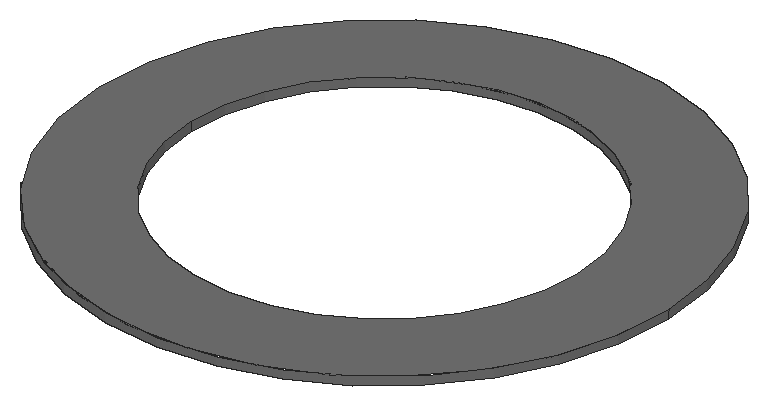
Revit family "6v", category Pipe Accessories, host Face, Revit 2018
Family settings
  Host = Face
  Round Connector Dimension = Use Diameter
  Part Type = Normal
  OmniClass Number = 23.27.43.00
  OmniClass Title = Pipe Fittings
  Cut with Voids When Loaded = No
  Shared = No
Parameters (values of type "90017 00 57 HT 00")
  URL = "https://www.aignep.com/"
  Tick Size = 32 mm
  S = 2 mm
  QR code = "https://www.bimobject.com/aignep/product/flat-gasket-for-flange-90017"
  Product url = "https://www.aignep.com/eng/Pipe-fittings-INFINITY/Air-Pipeline-INFINITY-Series/FLAT-GASKET-FOR-FLANGE"
  Product name = "Flat Gasket For Flange - 90017"
  Product group = "Seals"
  Product family = "INFINITY"
  Product data url = "https://www.bimobject.com/aignep/product/flat-gasket-for-flange-90017"
  Product certification = "https://www.aignep.com/eng/Certificazioni/FREE-OF-SILICON"
  Product SKU = "Flat-Gasket-For-Flange-90017"
  Product Material = AIGNEP - Rubber - Black
  Product Guid = "4de537a5-125b-4fcd-8996-acf08573e598"
  OmniClass Description = "Pipe Fittings"
  OmniClass Code = "23-27 43 00"
  Model = "90017"
  Material main = "Polymer"
  Manufacturer name = "Aignep Spa"
  Manufacturer country = "Italy"
  Manufacturer = "Aignep Spa"
  Keynote = "15410"
  IFC Classification = "Pipe Fitting"
  Edition number = 1
  Design country = "Italy"
  Description = "Flat Gasket For Flange"
  Default Elevation = 1219.2 mm
  D2 = 131 mm
  D1 = 89 mm
  BIMobject category = "Joints"
  Assembly Code = "D2040100"
  Article Code [instance] = "90017 00 57 TP 00"
Types (4, lengths in mm): name | Tick Size | D2 | D1 | Article Code
  (no name) | 32 | 131 | 89 | "90017 00 57 TP 00"
  90017 00 57 TP 00 | 44 | 162 | 115 | "90017 00 57 HT 00"
  90017 00 57 HT 00 | 32 | 131 | 89 | "90017 00 57 TP 00"
  90017 00 57 ZW 00 | 67.2 | 220 | 169 | "90017 00 57 ZW 00"
Reference planes
  plane 1 "Center (Front/Back)": y = 0
  plane 2: z = 0
  plane 3 "Center (Left/Right)": x = 0
  plane 4: z = 2
  plane 5: z = 1
Forms (mm)
  Extrusion 1, solid, material "AIGNEP - Rubber - Black" <- "Product Material", detail levels fine
    sketch origin (0, 0, 0) x (1, 0, 0) y (0, 1, 0)
      loop
        circle (0, 0) r 44.5
      loop
        circle (0, 0) r 65.5
    from 0 to 2
Lines and regions (mm)
  model lines, detail levels coarse+medium
    curve 1: line (0, 0, 0) -> (0, 0, 2)
    curve 2: line (-32, 0, 1) -> (32, 0, 1)
Dimensions and locks
  "S": plane 4 to plane 2
  equal spacing: curve 2, plane 3 "Center (Left/Right)", curve 2
  "Tick Size": plane 3 "Center (Left/Right)" to curve 2
  equal spacing: plane 4, plane 5, plane 2
  "D1": diameter of Extrusion 1 sketch curve
  "D2": diameter of Extrusion 1 sketch curve
  aligned and locked: plane 2 to host face
  aligned and locked: level to host face
  aligned and locked: plane 3 "Center (Left/Right)" to Extrusion 1 sketch curve  (x2)
  aligned and locked: plane 1 "Center (Front/Back)" to Extrusion 1 sketch curve  (x2)
  aligned and locked: plane 4 to Extrusion 1
  aligned and locked: plane 2 to curve 1
  aligned and locked: plane 4 to curve 1
  aligned and locked: plane 5 to curve 2
  aligned and locked: plane 3 "Center (Left/Right)" to curve 1
Automatic sketch dimensions
  host sketch curve to host sketch curve = 2438.4 mm  (x2)
